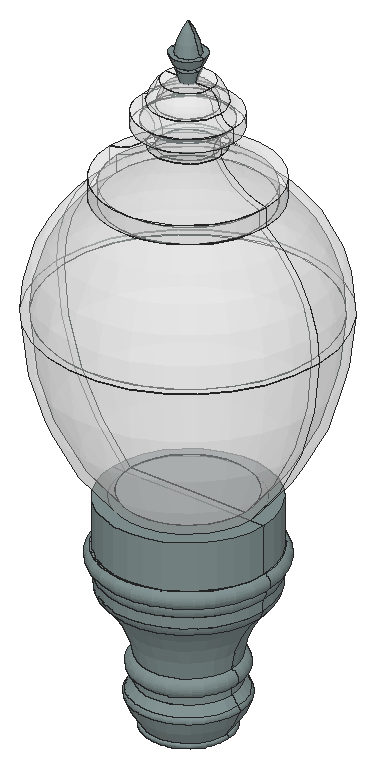
Revit family "FGL", category Lighting Fixtures, host Face, Revit 2021
Family settings
  Host = Face
  Round Connector Dimension = Use Diameter
  Part Type = Normal
  OmniClass Number = 23.80.70.14
  OmniClass Title = Luminaries for External Lighting
  Cut with Voids When Loaded = No
  Light Source = Yes
  Shared = No
  Room Calculation Point = No
Parameters (values of type "FGL - ATG")
  Wattage Comments = "32 - 185W"  # constant formula
  Wattage = 9.2903 W
  Watt = 185 W
  built-in parameter 1150110 = 1 (stored number, unit not read)
  Voltage [instance] = 120 V
  built-in parameter 1114217 = 1 (stored number, unit not read)
  Tilt Angle = 60.00°
  built-in parameter 1150109 = 1 (stored number, unit not read)
  built-in parameter 1150134 = 3
  built-in parameter 1150113 = 1 (stored number, unit not read)
  Product Page URL = ""
  Product Documentation Link = ""
  Photometric Web File = "generic"
  built-in parameter 1150142 = (empty or 0)
  built-in parameter 1150105 = 109.82 (stored number, unit not read)
  Lumens = 1380 lm
  built-in parameter 1150115 = 1 (stored number, unit not read)
  built-in parameter 1150137 = (empty or 0)
  built-in parameter 1150139 = (empty or 0)
  built-in parameter 1150112 = 1 (stored number, unit not read)
  built-in parameter 1150114 = 1 (stored number, unit not read)
  Is Volt [instance] = Voltage : 120V
  URL = "https://www.currentlighting.com/aal"
  RB [instance] = not(LF)  # no
  Optical Style [instance] = Optical Style : CCO
  Model = "FGL"  # constant formula
  Manufacturer = "Architectural Area Lighting"  # constant formula
  Load Classification = Lighting
  Lamp = "LED Lamp"  # constant formula
  LF [instance] = yes
  built-in parameter 1150132 = (empty or 0)
  built-in parameter 1150102 = (empty or 0)
  built-in parameter 1150107 = 3200 (stored number, unit not read)
  built-in parameter 1150138 = (empty or 0)
  built-in parameter 1150106 = 1.0982 (stored number, unit not read)
  Glass = Glass-Frosted
  Finish = Aluminum-Antique Green
  Emit from Circle Diameter = 24.000"
  Emit Shape Visible in Rendering = no
  built-in parameter 1150104 = 13.8 (stored number, unit not read)
  Dimming Lamp Color Temperature Shift = <None>
  Description = "Two fitter designs to accommodate architectural requirements"  # constant formula
  Default Elevation = 48.000"
  Contact us = ""
  Color Filter = 16777215
  built-in parameter 1114218 = 1 (stored number, unit not read)
  built-in parameter 1150133 = 10 (stored number, unit not read)
  Apparent Load = 0 VA
Types (14): name | Tilt Angle | Photometric Web File | built-in parameter 1150142 | Is Volt | Optical Style | Finish | Emit from Circle Diameter
  (no name) | 60.00° | "generic" | (empty or 0) | Voltage : 120V | Optical Style : CCO | Aluminum-Antique Green | 24.000"
  FGL - AWT | 60.00° | "generic" | (empty or 0) | Voltage : 208V | Optical Style : CCO | Aluminum-Artic White | 24.000"
  FGL - BLK | 60.00° | "generic" | (empty or 0) | Voltage : 120V | Optical Style : CCO | Aluminum-Black | 24.000"
  FGL - MTB | 60.00° | "generic" | (empty or 0) | Voltage : 120V | Optical Style : CCO | Aluminum-Matte Black | 24.000"
  FGL - DGN | 60.00° | "generic" | (empty or 0) | Voltage : 120V | Optical Style : CCO | Aluminum-Dark Green | 24.000"
  FGL - DBZ | 60.00° | "generic" | (empty or 0) | Voltage : 120V | Optical Style : GR3 | Aluminum-Dark Bronze | 24.000"
  FGL - WRZ | -90.00° | "FGL-SGL-CCO-150PSMH-ASY-HSS.IES" | "IESNA:LM-63-2002\r\n[TEST] KL01707\r\n[TESTLAB] KIM LIGHTING\r\n[TESTDATE] 06/19/09\r\n[ISSUEDATE] 06/22/09\r\n[MANUFAC] ARCHITECTURAL AREA LIGHTING\r\n[LUMCAT] FGL-XX-SLG-CCO-150PSMH-ASY-HSS                                                       \r\n[LUMINAIRE] FEDERAL GLOBE LARGE WITH STACKED \r\n[MORE] CONTRACLINE  REFLECTOR ASSEMBLY;\r\n[MORE] AND STANDARD LENS GLOBE; HOUSE SIDE SHIELD\r\n[LAMP] ONE 150 WATT MEDIUM BASE ED-28 PSMH-VBU                    \r\n[LAMPCAT] MH 150W/U/PS/740-VENTURE\r\n[BALLAST] 150W PSMH \r\n[OTHER] LUMENS-14000\r\nTILT=NONE\r\n1 14000 1 74 22 1 1 -1.46 -1.46 2.75\r\n1 1 150\r\n0 2.5 5 7.5 10 12.5 15 17.5 20 22.5 25 27.5 30 32.5 35 37.5 40 42.5 45 47.5 50 52.5 55 57.5 60 62.5 65 67.5 67.9 70 72.5 75 77.5 80 82.5 85 87.5 90 92.5 95 97.5 100 102.5 105 107.5 110 112.5 115 117.5 120 122.5 125 127.5 130 132.5 135 137.5 140 142.5 145 \r\n147.5 150 152.5 155 157.5 160 162.5 165 167.5 170 172.5 175 177.5 180\r\n0 5 14 15 25 35 45 55 65 75 85 90 95 105 115 125 135 145 155 165 175 180\r\n105.00 102.00 140.00 185.00 323.00 440.00 475.00 493.00 546.00 638.00 739.00 754.00 770.00 976.00 1252.00 1512.00 1314.00 1083.00 768.00 635.00 595.00 587.00 645.00 766.00 958.00 1373.00 1974.00 2460.00 2403.00 2316.00 1746.00 1051.00 614.00 430.00 350.00\r\n 336.00 279.00 219.00 185.00 169.00 161.00 158.00 159.00 166.00 174.00 170.00 178.00 198.00 207.00 212.00 236.00 284.00 328.00 315.00 298.00 281.00 282.00 281.00 262.00 247.00 245.00 251.00 283.00 358.00 414.00 360.00 317.00 254.00 204.00 180.00 126.00 \r\n57.00 26.00 16.00\r\n105.00 102.00 140.00 185.00 321.00 438.00 473.00 494.00 550.00 652.00 744.00 758.00 776.00 946.00 1309.00 1597.00 1358.00 1103.00 764.00 646.00 599.00 594.00 642.00 762.00 968.00 1429.00 1986.00 2413.00 2444.00 2382.00 1822.00 1034.00 621.00 426.00 350.00\r\n 341.00 279.00 219.00 186.00 170.00 162.00 158.00 158.00 165.00 174.00 170.00 179.00 200.00 212.00 218.00 239.00 290.00 339.00 320.00 302.00 282.00 283.00 284.00 262.00 245.00 242.00 255.00 289.00 366.00 411.00 362.00 318.00 254.00 205.00 180.00 126.00 \r\n57.00 26.00 16.00\r\n105.00 103.00 139.00 184.00 313.00 422.00 466.00 490.00 542.00 640.00 753.00 778.00 802.00 950.00 1270.00 1555.00 1345.00 1096.00 778.00 644.00 603.00 598.00 652.00 784.00 1006.00 1465.00 2141.00 2538.00 2454.00 2389.00 1777.00 1066.00 616.00 428.00 \r\n350.00 343.00 278.00 217.00 186.00 171.00 163.00 159.00 158.00 161.00 170.00 173.00 181.00 202.00 217.00 221.00 246.00 300.00 338.00 320.00 304.00 283.00 287.00 286.00 262.00 244.00 240.00 261.00 317.00 374.00 422.00 360.00 312.00 254.00 209.00 186.00 \r\n124.00 56.00 26.00 16.00\r\n105.00 102.00 138.00 182.00 309.00 418.00 464.00 486.00 539.00 636.00 749.00 777.00 801.00 940.00 1266.00 1563.00 1339.00 1098.00 783.00 644.00 602.00 597.00 652.00 785.00 1011.00 1471.00 2158.00 2526.00 2437.00 2355.00 1738.00 1043.00 609.00 425.00 \r\n347.00 338.00 274.00 217.00 185.00 170.00 163.00 158.00 158.00 161.00 169.00 172.00 180.00 202.00 217.00 221.00 246.00 299.00 337.00 318.00 305.00 282.00 287.00 286.00 262.00 244.00 242.00 262.00 320.00 378.00 426.00 361.00 313.00 255.00 210.00 186.00 \r\n126.00 57.00 26.00 16.00\r\n105.00 103.00 138.00 183.00 298.00 405.00 444.00 470.00 526.00 622.00 710.00 748.00 775.00 927.00 1222.00 1448.00 1306.00 1083.00 756.00 630.00 583.00 582.00 646.00 797.00 1023.00 1450.00 1994.00 2370.00 2296.00 2208.00 1584.00 967.00 574.00 398.00 332.00\r\n 318.00 257.00 207.00 182.00 169.00 161.00 157.00 156.00 160.00 168.00 170.00 177.00 196.00 212.00 219.00 249.00 303.00 342.00 327.00 311.00 282.00 286.00 283.00 266.00 253.00 250.00 282.00 317.00 426.00 444.00 363.00 310.00 251.00 211.00 185.00 121.00 \r\n55.00 26.00 16.00\r\n105.00 104.00 139.00 183.00 293.00 393.00 430.00 458.00 506.00 591.00 669.00 717.00 765.00 880.00 1100.00 1311.00 1282.00 989.00 746.00 620.00 573.00 578.00 638.00 802.00 1059.00 1519.00 2018.00 2249.00 2106.00 2018.00 1486.00 886.00 526.00 378.00 314.00 \r\n298.00 243.00 198.00 176.00 165.00 158.00 153.00 153.00 158.00 166.00 166.00 172.00 189.00 204.00 210.00 240.00 298.00 353.00 334.00 313.00 283.00 282.00 282.00 268.00 254.00 246.00 285.00 349.00 422.00 426.00 364.00 307.00 250.00 206.00 176.00 112.00 \r\n52.00 25.00 16.00\r\n105.00 104.00 139.00 184.00 290.00 382.00 418.00 444.00 493.00 568.00 649.00 696.00 727.00 862.00 1141.00 1269.00 1201.00 961.00 724.00 604.00 563.00 564.00 628.00 786.00 1031.00 1475.00 2004.00 2274.00 2126.00 1994.00 1409.00 816.00 498.00 359.00 311.00 \r\n301.00 231.00 190.00 170.00 160.00 153.00 150.00 150.00 157.00 164.00 162.00 169.00 185.00 197.00 208.00 235.00 282.00 330.00 321.00 305.00 288.00 282.00 274.00 261.00 250.00 261.00 280.00 372.00 440.00 461.00 354.00 294.00 236.00 194.00 164.00 101.00 \r\n49.00 24.00 16.00\r\n105.00 104.00 138.00 182.00 283.00 370.00 401.00 429.00 474.00 554.00 632.00 667.00 699.00 867.00 1105.00 1279.00 1228.00 958.00 774.00 624.00 560.00 557.00 619.00 760.00 1001.00 1474.00 2057.00 2291.00 2098.00 1982.00 1356.00 806.00 486.00 358.00 313.00 \r\n330.00 236.00 185.00 163.00 154.00 148.00 145.00 146.00 151.00 154.00 155.00 162.00 181.00 189.00 199.00 222.00 262.00 301.00 298.00 287.00 274.00 272.00 265.00 257.00 254.00 258.00 302.00 386.00 479.00 474.00 355.00 290.00 221.00 178.00 150.00 90.00 \r\n46.00 23.00 16.00\r\n105.00 105.00 136.00 178.00 278.00 355.00 375.00 403.00 452.00 523.00 576.00 622.00 656.00 790.00 1040.00 1168.00 1088.00 875.00 730.00 606.00 548.00 534.00 591.00 728.00 958.00 1431.00 1937.00 2152.00 1999.00 1898.00 1274.00 771.00 466.00 341.00 302.00 \r\n314.00 234.00 182.00 158.00 149.00 144.00 140.00 139.00 143.00 146.00 149.00 154.00 167.00 170.00 187.00 206.00 237.00 262.00 263.00 261.00 256.00 256.00 247.00 233.00 241.00 264.00 312.00 422.00 524.00 476.00 373.00 297.00 207.00 159.00 137.00 82.00 \r\n42.00 22.00 16.00\r\n105.00 105.00 134.00 178.00 278.00 344.00 355.00 374.00 417.00 481.00 541.00 590.00 662.00 787.00 1008.00 1070.00 1000.00 809.00 636.00 550.00 506.00 495.00 547.00 656.00 938.00 1444.00 2008.00 2298.00 2073.00 1926.00 1193.00 715.00 429.00 312.00 280.00 \r\n298.00 218.00 169.00 149.00 139.00 134.00 131.00 131.00 132.00 134.00 135.00 137.00 142.00 145.00 155.00 165.00 189.00 222.00 232.00 232.00 228.00 227.00 228.00 222.00 231.00 257.00 342.00 470.00 548.00 489.00 392.00 314.00 202.00 144.00 122.00 72.00 \r\n38.00 21.00 16.00\r\n105.00 106.00 131.00 179.00 278.00 330.00 334.00 346.00 392.00 454.00 512.00 554.00 610.00 715.00 865.00 915.00 850.00 741.00 563.00 474.00 446.00 452.00 529.00 656.00 874.00 1361.00 1973.00 2217.00 1949.00 1811.00 1153.00 642.00 390.00 288.00 252.00 \r\n246.00 187.00 154.00 138.00 130.00 126.00 123.00 122.00 122.00 121.00 121.00 122.00 124.00 126.00 130.00 135.00 150.00 172.00 187.00 188.00 190.00 194.00 197.00 209.00 236.00 270.00 359.00 500.00 572.00 500.00 401.00 325.00 202.00 139.00 113.00 70.00 \r\n36.00 20.00 16.00\r\n105.00 106.00 130.00 178.00 276.00 322.00 322.00 334.00 382.00 445.00 498.00 547.00 572.00 616.00 717.00 762.00 752.00 665.00 542.00 450.00 425.00 436.00 518.00 645.00 854.00 1331.00 1903.00 2134.00 1927.00 1803.00 1150.00 647.00 381.00 279.00 240.00 \r\n241.00 180.00 148.00 134.00 126.00 122.00 120.00 118.00 118.00 117.00 116.00 116.00 118.00 122.00 124.00 128.00 138.00 154.00 164.00 168.00 173.00 182.00 191.00 199.00 232.00 278.00 382.00 526.00 582.00 480.00 410.00 333.00 206.00 142.00 114.00 71.00 \r\n36.00 19.00 16.00\r\n105.00 105.00 128.00 174.00 270.00 310.00 310.00 322.00 373.00 434.00 486.00 529.00 531.00 565.00 623.00 669.00 690.00 598.00 507.00 425.00 405.00 421.00 499.00 617.00 859.00 1299.00 1864.00 2114.00 1862.00 1738.00 1130.00 648.00 374.00 270.00 229.00 \r\n227.00 170.00 142.00 130.00 123.00 119.00 117.00 116.00 115.00 114.00 112.00 111.00 112.00 115.00 118.00 122.00 128.00 138.00 146.00 154.00 158.00 167.00 179.00 199.00 217.00 282.00 384.00 546.00 574.00 464.00 414.00 342.00 216.00 146.00 119.00 75.00 \r\n36.00 19.00 16.00\r\n105.00 105.00 123.00 166.00 251.00 287.00 282.00 294.00 351.00 425.00 462.00 470.00 470.00 483.00 539.00 584.00 586.00 534.00 452.00 396.00 374.00 393.00 478.00 590.00 825.00 1302.00 1835.00 2026.00 1763.00 1632.00 1017.00 594.00 337.00 250.00 214.00 \r\n202.00 157.00 134.00 124.00 118.00 114.00 113.00 112.00 111.00 110.00 106.00 106.00 106.00 108.00 111.00 114.00 115.00 119.00 126.00 134.00 138.00 145.00 152.00 170.00 213.00 290.00 402.00 562.00 557.00 465.00 436.00 338.00 223.00 176.00 139.00 87.00 \r\n40.00 19.00 16.00\r\n105.00 105.00 119.00 155.00 227.00 256.00 252.00 263.00 310.00 358.00 382.00 414.00 405.00 422.00 455.00 483.00 485.00 437.00 390.00 334.00 328.00 358.00 431.00 512.00 713.00 1147.00 1654.00 1801.00 1506.00 1374.00 877.00 494.00 289.00 224.00 204.00 \r\n186.00 146.00 126.00 118.00 114.00 110.00 109.00 108.00 107.00 106.00 102.00 100.00 100.00 102.00 104.00 106.00 106.00 109.00 115.00 119.00 124.00 133.00 138.00 154.00 201.00 280.00 426.00 582.00 590.00 486.00 452.00 337.00 238.00 236.00 163.00 106.00 \r\n45.00 19.00 16.00\r\n105.00 104.00 115.00 144.00 201.00 220.00 217.00 228.00 255.00 282.00 317.00 336.00 322.00 322.00 328.00 350.00 352.00 328.00 282.00 262.00 263.00 274.00 304.00 367.00 493.00 790.00 1110.00 1114.00 918.00 845.00 586.00 359.00 242.00 198.00 191.00 173.00 \r\n134.00 119.00 113.00 109.00 106.00 104.00 104.00 103.00 101.00 98.00 96.00 96.00 98.00 100.00 104.00 103.00 103.00 110.00 115.00 121.00 122.00 128.00 142.00 182.00 273.00 466.00 581.00 631.00 514.00 458.00 350.00 274.00 263.00 199.00 123.00 50.00 18.00 \r\n16.00\r\n105.00 104.00 111.00 131.00 172.00 186.00 186.00 194.00 214.00 234.00 257.00 261.00 258.00 267.00 250.00 250.00 243.00 236.00 222.00 211.00 210.00 213.00 226.00 252.00 310.00 410.00 514.00 498.00 424.00 400.00 310.00 238.00 197.00 174.00 182.00 157.00 \r\n125.00 113.00 108.00 104.00 102.00 100.00 99.00 98.00 96.00 94.00 92.00 91.00 92.00 94.00 99.00 103.00 103.00 110.00 110.00 111.00 112.00 118.00 138.00 187.00 295.00 493.00 587.00 575.00 545.00 457.00 371.00 311.00 298.00 241.00 137.00 54.00 18.00 16.00\r\n105.00 102.00 106.00 119.00 146.00 158.00 161.00 170.00 186.00 198.00 210.00 218.00 219.00 232.00 213.00 210.00 205.00 198.00 193.00 185.00 182.00 181.00 189.00 208.00 250.00 285.00 282.00 262.00 244.00 237.00 204.00 178.00 162.00 155.00 174.00 146.00 \r\n118.00 108.00 104.00 101.00 99.00 97.00 96.00 95.00 92.00 90.00 88.00 87.00 88.00 90.00 92.00 96.00 104.00 102.00 105.00 109.00 111.00 122.00 143.00 202.00 327.00 494.00 626.00 588.00 590.00 490.00 385.00 338.00 334.00 266.00 146.00 57.00 18.00 16.00\r\n105.00 102.00 103.00 110.00 126.00 137.00 144.00 154.00 167.00 178.00 193.00 198.00 200.00 205.00 194.00 190.00 184.00 179.00 177.00 170.00 164.00 162.00 166.00 178.00 205.00 212.00 195.00 178.00 170.00 166.00 155.00 149.00 142.00 147.00 181.00 141.00 \r\n116.00 106.00 101.00 98.00 96.00 94.00 95.00 93.00 90.00 86.00 86.00 85.00 84.00 86.00 93.00 94.00 96.00 99.00 103.00 108.00 115.00 130.00 158.00 219.00 340.00 486.00 654.00 655.00 637.00 537.00 426.00 368.00 366.00 271.00 154.00 60.00 18.00 16.00\r\n105.00 102.00 102.00 105.00 113.00 124.00 134.00 144.00 158.00 183.00 189.00 186.00 189.00 186.00 181.00 178.00 171.00 166.00 163.00 157.00 155.00 152.00 151.00 153.00 155.00 154.00 151.00 148.00 146.00 144.00 138.00 139.00 137.00 142.00 165.00 138.00 \r\n112.00 102.00 98.00 96.00 94.00 92.00 94.00 91.00 87.00 84.00 82.00 82.00 82.00 82.00 86.00 86.00 88.00 95.00 101.00 112.00 125.00 143.00 172.00 234.00 342.00 514.00 666.00 713.00 654.00 576.00 455.00 386.00 375.00 283.00 159.00 60.00 18.00 16.00\r\n105.00 101.00 100.00 102.00 107.00 118.00 129.00 140.00 153.00 178.00 181.00 184.00 186.00 181.00 174.00 172.00 165.00 159.00 155.00 150.00 149.00 148.00 146.00 143.00 142.00 139.00 137.00 136.00 139.00 138.00 135.00 138.00 136.00 135.00 151.00 129.00 \r\n109.00 101.00 98.00 94.00 93.00 91.00 94.00 91.00 87.00 83.00 82.00 82.00 81.00 81.00 80.00 82.00 85.00 90.00 100.00 114.00 126.00 134.00 160.00 235.00 376.00 546.00 665.00 651.00 618.00 570.00 441.00 368.00 348.00 278.00 161.00 59.00 18.00 16.00\r\n105.00 101.00 100.00 101.00 106.00 118.00 129.00 140.00 152.00 175.00 181.00 183.00 186.00 180.00 174.00 171.00 163.00 158.00 154.00 150.00 148.00 148.00 145.00 142.00 141.00 138.00 136.00 134.00 136.00 135.00 133.00 135.00 134.00 134.00 143.00 128.00 \r\n109.00 101.00 98.00 94.00 92.00 91.00 93.00 91.00 86.00 84.00 82.00 82.00 80.00 80.00 80.00 82.00 85.00 89.00 100.00 114.00 126.00 129.00 162.00 226.00 389.00 525.00 666.00 632.00 617.00 554.00 439.00 362.00 346.00 276.00 162.00 59.00 18.00 16.00\r\n" | Voltage : 120V | Optical Style : BLO | Aluminum-Weathered Bronze | 12.000"
  FGL - BRM | 60.00° | "generic" | (empty or 0) | Voltage : 120V | Optical Style : CCO | Aluminum-Metalic Bronze | 24.000"
  FGL - VBL | 60.00° | "generic" | (empty or 0) | Voltage : 120V | Optical Style : CCO | Aluminum-Verde Blue | 24.000"
  FGL - CRT | 60.00° | "generic" | (empty or 0) | Voltage : 120V | Optical Style : CCO | Aluminum-Corten | 24.000"
  FGL - MAL | 60.00° | "generic" | (empty or 0) | Voltage : 120V | Optical Style : CCO | Aluminum-Matte | 24.000"
  FGL - MDG | 60.00° | "generic" | (empty or 0) | Voltage : 120V | Optical Style : CCO | Aluminum-Medium Grey | 24.000"
  FGL - ATG | 60.00° | "generic" | (empty or 0) | Voltage : 120V | Optical Style : CCO | Aluminum-Antique Green | 24.000"
  FGL - LGY | 60.00° | "generic" | (empty or 0) | Voltage : 120V | Optical Style : CCO | Aluminum-Light Grey | 24.000"
Reference planes (in)
  plane 1 "Center (Front/Back)": y = 0
  plane 2: z = 0
  plane 3 "Center (Left/Right)": x = 0
  plane 4: x = -8.75
  plane 5: x = 8.75
  plane 6: z = 42
  plane 7: x = 2.5
  plane 8: x = -2.5
  plane 9: z = 13.625
  plane 10: z = 31.17106
Forms (in)
  Revolve 1, solid, material "Aluminum-Antique Green" <- "Finish", visible <- "LF"
    sketch origin (0, 0, 0) x (1, 0, 0) y (0, 0, 1)
      loop
        line (0, 0) -> (0, 13.625) -> (-5.03376, 13.625) -> (-5.03376, 10.76245) -> (-5.12905, 10.76245)
        arc (-5.12905, 10.76245) -> (-5.45559, 10.26245) -> (-5.12905, 9.76245) r 0.54607
        arc (-5.12905, 9.76245) -> (-5.11304, 9.44236) -> (-4.96687, 9.15715) r 0.76227
        line (-4.96687, 9.15715) -> (-4.96687, 8.48685)
        arc (-4.96687, 8.48685) -> (-4.85926, 8.18779) -> (-4.66168, 7.93883) r 0.98098
        arc (-4.66168, 7.93883) -> (-3.48579, 6.28694) -> (-2.88291, 4.35097) r 6.42852
        arc (-2.88291, 4.35097) -> (-3.31539, 3.80858) -> (-2.88291, 3.26619) r 0.55635
        line (-2.88291, 3.26619) -> (-2.88291, 2.76619) -> (-3.32761, 2.25461)
        arc (-3.32761, 2.25461) -> (-3.41364, 2.08032) -> (-3.39691, 1.88668) r 0.36132
        arc (-3.39691, 1.88668) -> (-3.01013, 1.05002) -> (-2.5, 0.28232) r 6.01247
        arc (-2.5, 0.28232) -> (-2.64116, 0.14116) -> (-2.5, 0) r 0.14116
        line (-2.5, 0) -> (0, 0)
      axis (0, 13.625) -> (0, 0)
    angle from 0 to 360
  Revolve 2, solid, material "Glass-Frosted" <- "Glass"
    sketch origin (0, 0, 0) x (1, 0, 0) y (0, 0, 1)
      loop
        line (0, 13.625) -> (0, 13.96855) -> (-3.80288, 13.96855)
        arc (-3.80288, 13.96855) -> (-7.06666, 18.84131) -> (-8.25002, 24.58548) r 15.2506
        arc (-8.25002, 24.58548) -> (-7.33685, 28.36747) -> (-4.74177, 31.26624) r 7.96826
        line (-4.74177, 31.26624) -> (-4.74177, 32.2829)
        arc (-4.74177, 32.2829) -> (-2.98772, 33.10642) -> (-1.68847, 34.54407) r 4.91348
        arc (-1.68847, 34.54407) -> (-1.88272, 35.43753) -> (-2.53956, 36.07359) r 1.57918
        line (-2.53956, 36.07359) -> (-2.53956, 36.20584)
        arc (-2.53956, 36.20584) -> (-2.04968, 36.54616) -> (-1.71527, 37.0401) r 1.62792
        arc (-1.71527, 37.0401) -> (-1.15449, 38.09679) -> (0, 38.41023) r 1.50439
        line (0, 38.41023) -> (0, 38.44473) -> (-1.51284, 38.44473)
        arc (-1.51284, 38.44473) -> (-1.97251, 37.87882) -> (-2.19891, 37.18578) r 2.00089
        arc (-2.19891, 37.18578) -> (-2.54471, 36.77783) -> (-3.03956, 36.57502) r 1.12792
        line (-3.03956, 36.57502) -> (-3.03956, 35.72555)
        arc (-3.03956, 35.72555) -> (-2.41225, 35.33409) -> (-2.18417, 34.63071) r 1.07918
        arc (-2.18417, 34.63071) -> (-3.50211, 33.31788) -> (-5.24177, 32.65908) r 4.44672
        line (-5.24177, 32.65908) -> (-5.24177, 31.52677)
        arc (-5.24177, 31.52677) -> (-7.84102, 28.48054) -> (-8.75, 24.58062) r 8.46826
        arc (-8.75, 24.58062) -> (-7.53021, 18.65423) -> (-4.16616, 13.625) r 15.75044
        line (-4.16616, 13.625) -> (0, 13.625)
      axis (0, 38.44473) -> (0, 13.625)
    angle from 0 to 360
  Revolve 3, solid, material "Aluminum-Antique Green" <- "Finish"
    sketch origin (0, 0, 0) x (1, 0, 0) y (0, 0, 1)
      loop
        line (0, 38.44473) -> (0, 42)
        arc (0, 42) -> (-0.48193, 41.08525) -> (-0.73533, 40.08284) r 4.36748
        line (-0.73533, 40.08284) -> (-1.08341, 40.08284) -> (-0.81818, 39.51405) -> (-0.35253, 39.51405) -> (-0.35253, 39.20953) -> (-0.71924, 39.20953) -> (-0.47074, 38.44473) -> (0, 38.44473)
      axis (0, 42) -> (0, 38.44473)
    angle from 0 to 360
  Revolve 4, solid, material "Aluminum-Antique Green" <- "Finish", visible <- "RB"
    sketch origin (0, 0, 0) x (1, 0, 0) y (0, 0, 1)
      loop
        line (-3.5, 0) -> (0, 0) -> (0, 13.625) -> (-5.71058, 13.625) -> (-5.71058, 12.40368) -> (-6.30201, 12.40368) -> (-6.30201, 11.06248) -> (-6.51851, 10.93748) -> (-6.51851, 9.93748) -> (-5.3414, 9.93748) -> (-5.3414, 9.68748)
        arc (-5.3414, 9.68748) -> (-5.8414, 9.48037) -> (-6.04851, 8.98037) r 0.70711
        line (-6.04851, 8.98037) -> (-6.04851, 8.73037) -> (-5.79851, 8.73037) -> (-5.79851, 8.50986)
        arc (-5.79851, 8.50986) -> (-5.19781, 6.42255) -> (-3.80326, 4.75733) r 5.24722
        line (-3.80326, 4.75733) -> (-3.80326, 4.58582)
        arc (-3.80326, 4.58582) -> (-3.51877, 3.80356) -> (-3.07749, 3.09778) r 3.97172
        line (-3.07749, 3.09778) -> (-3.25, 3.09778) -> (-3.25, 2.84778)
        arc (-3.25, 2.84778) -> (-3.32937, 2.78321) -> (-3.39393, 2.70385) r 0.50016
        arc (-3.39393, 2.70385) -> (-3.40797, 2.50941) -> (-3.25, 2.39518) r 0.20023
        line (-3.25, 2.39518) -> (-3.25, 0.39518) -> (-3.5, 0.39518) -> (-3.5, 0)
      axis (0, 13.625) -> (0, 0)
    angle from 0 to 360
Dimensions and locks (in)
  equal spacing: plane 5, plane 3 "Center (Left/Right)", plane 4
  locked: plane 3 "Center (Left/Right)" to plane 4 at 8.75
  locked: plane 6 to plane 2 at 42
  equal spacing: plane 7, plane 3 "Center (Left/Right)", plane 8
  locked: plane 3 "Center (Left/Right)" to plane 8 at 2.5
  locked: plane 9 to plane 2 at 13.625
  plane 5 to plane 4 = 17.500"
  aligned and locked: plane 2 to host face
  aligned and locked: level to host face
  aligned and locked: Revolve 1 sketch curve to plane 9
  aligned and locked: host face to Revolve 1 sketch curve
  aligned and locked: Revolve 1 sketch curve to plane 3 "Center (Left/Right)"  (x2)
  aligned and locked: Revolve 2 sketch curve to plane 3 "Center (Left/Right)"
  aligned and locked: plane 9 to Revolve 2 sketch curve
  aligned and locked: Revolve 3 sketch curve to plane 3 "Center (Left/Right)"
  aligned and locked: Revolve 2 sketch curve to Revolve 3
  aligned and locked: Revolve 4 sketch curve to plane 3 "Center (Left/Right)"
Automatic sketch dimensions
  host sketch curve to host sketch curve = 96.000"
  host sketch curve to host sketch curve = 95.95855"
  Revolve 1 sketch curve to plane 8 = 0.000"
  Revolve 1 sketch curve to plane 8 = 0.25904"
  Revolve 1 sketch curve to plane 8 = 0.38291"  (x2)
  Revolve 1 sketch curve to plane 8 = 0.55856"
  Revolve 1 sketch curve to Revolve 1 sketch curve = 0.26905"
  Revolve 1 sketch curve to Revolve 1 sketch curve = 0.0693"
  Revolve 1 sketch curve to Revolve 1 sketch curve = 0.000"  (x2)
  Revolve 1 sketch curve to plane 8 = 1.50221"
  Revolve 1 sketch curve to Revolve 1 sketch curve = 0.37453"
  Revolve 1 sketch curve to Revolve 1 sketch curve = 0.65948"
  Revolve 1 sketch curve to Revolve 1 sketch curve = 0.53278"
  Revolve 1 sketch curve to Revolve 1 sketch curve = 0.59013"
  Revolve 1 sketch curve to Revolve 1 sketch curve = 0.12424"
  Revolve 1 sketch curve to Revolve 1 sketch curve = 0.21954"
  Revolve 1 sketch curve to Revolve 1 sketch curve = 0.09529"
  Revolve 1 sketch curve to plane 4 = 0.49534"
  Revolve 1 sketch curve to plane 7 = 0.26209"
  Revolve 1 sketch curve to level = 4.050"
  Revolve 1 sketch curve to Revolve 1 sketch curve = 0.14116"
  Revolve 1 sketch curve to Revolve 1 sketch curve = 1.60435"
  Revolve 1 sketch curve to Revolve 1 sketch curve = 0.51158"
  Revolve 1 sketch curve to Revolve 1 sketch curve = 0.500"  (x2)
  level to Revolve 1 sketch curve = 3.4315"
  Revolve 1 sketch curve to Revolve 1 sketch curve = 0.54239"
  Revolve 1 sketch curve to Revolve 1 sketch curve = 0.6703"
  Revolve 1 sketch curve to Revolve 1 sketch curve = 0.4825"
  Revolve 1 sketch curve to Revolve 1 sketch curve = 1.500"
  Revolve 3 sketch curve to plane 3 "Center (Left/Right)" = 0.000"
  Revolve 3 sketch curve to plane 6 = 0.000"
  Revolve 3 sketch curve to plane 3 "Center (Left/Right)" = 0.35253"
  Revolve 3 sketch curve to Revolve 3 sketch curve = 0.47074"
  Revolve 3 sketch curve to Revolve 3 sketch curve = 0.3667"
  Revolve 3 sketch curve to Revolve 3 sketch curve = 0.3828"
  Revolve 3 sketch curve to Revolve 3 sketch curve = 0.09895"
  Revolve 3 sketch curve to Revolve 3 sketch curve = 0.34808"
  plane 7 to Revolve 3 sketch curve = 1.09589"
  Revolve 3 sketch curve to plane 6 = 1.91716"
  Revolve 3 sketch curve to Revolve 3 sketch curve = 0.56879"
  Revolve 3 sketch curve to Revolve 3 sketch curve = 0.30452"
  Revolve 3 sketch curve to Revolve 3 sketch curve = 0.7648"
  Revolve 3 sketch curve to Revolve 3 sketch curve = 1.94473"
  Revolve 3 sketch curve to Revolve 3 sketch curve = 0.750"
  Revolve 4 sketch curve to plane 9 = 0.000"
  Revolve 4 sketch curve to plane 3 "Center (Left/Right)" = 0.000"
  Revolve 4 sketch curve to level = 0.000"
  Revolve 4 sketch curve to plane 3 "Center (Left/Right)" = 0.56478"
  Revolve 4 sketch curve to plane 8 = 0.4757"
  Revolve 4 sketch curve to plane 8 = 0.57749"
  Revolve 4 sketch curve to Revolve 4 sketch curve = 0.2508"
  Revolve 4 sketch curve to plane 8 = 0.750"
  Revolve 4 sketch curve to Revolve 4 sketch curve = 0.0235"
  Revolve 4 sketch curve to Revolve 4 sketch curve = 0.16744"
  Revolve 4 sketch curve to Revolve 4 sketch curve = 0.000"
  Revolve 4 sketch curve to Revolve 4 sketch curve = 0.250"  (x4)
  Revolve 4 sketch curve to plane 8 = 1.30326"
  Revolve 4 sketch curve to plane 8 = 2.8414"
  Revolve 4 sketch curve to plane 9 = 1.22132"
  Revolve 4 sketch curve to Revolve 4 sketch curve = 0.36918"
  Revolve 4 sketch curve to Revolve 4 sketch curve = 0.45711"
  Revolve 4 sketch curve to Revolve 4 sketch curve = 0.59142"
  Revolve 4 sketch curve to Revolve 4 sketch curve = 0.470"
  plane 3 "Center (Left/Right)" to Revolve 4 sketch curve = 0.05099"
  Revolve 4 sketch curve to Revolve 4 sketch curve = 4.875"
  level to Revolve 4 sketch curve = 0.39518"
  Revolve 4 sketch curve to Revolve 4 sketch curve = 2.000"
  Revolve 4 sketch curve to Revolve 4 sketch curve = 0.03436"
  Revolve 4 sketch curve to Revolve 4 sketch curve = 1.48804"
  Revolve 4 sketch curve to Revolve 4 sketch curve = 0.17151"
  Revolve 4 sketch curve to Revolve 4 sketch curve = 3.89382"
  Revolve 4 sketch curve to Revolve 4 sketch curve = 0.22051"
  Revolve 4 sketch curve to Revolve 4 sketch curve = 0.95711"
  Revolve 4 sketch curve to Revolve 4 sketch curve = 1.000"
  Revolve 4 sketch curve to Revolve 4 sketch curve = 0.125"
  Revolve 4 sketch curve to Revolve 4 sketch curve = 8.500"
  Revolve 2 sketch curve to Revolve 2 sketch curve = 0.000"  (x13)
  Revolve 2 sketch curve to plane 4 = 0.000"
  plane 10 to Revolve 2 sketch curve = 0.09518"
  Revolve 2 sketch curve to plane 3 "Center (Left/Right)" = 0.000"  (x2)
  plane 4 to Revolve 2 sketch curve = 0.49981"
  plane 4 to Revolve 2 sketch curve = 2.83808"
  plane 10 to Revolve 2 sketch curve = 1.48802"
  Revolve 2 sketch curve to plane 8 = 2.74177"
  Revolve 2 sketch curve to plane 8 = 1.66616"
  plane 9 to Revolve 2 sketch curve = 0.34355"
  Revolve 2 sketch curve to Revolve 2 sketch curve = 0.36328"
  Revolve 2 sketch curve to plane 8 = 0.76266"
  Revolve 2 sketch curve to plane 8 = 0.70769"
  Revolve 2 sketch curve to plane 8 = 0.53956"
  Revolve 2 sketch curve to plane 8 = 0.03956"
  plane 8 to Revolve 2 sketch curve = 0.30109"
  plane 8 to Revolve 2 sketch curve = 0.31583"
  Revolve 2 sketch curve to Revolve 2 sketch curve = 0.48364"
  Revolve 2 sketch curve to Revolve 2 sketch curve = 0.4957"
  plane 8 to Revolve 2 sketch curve = 0.98716"
  Revolve 2 sketch curve to plane 3 "Center (Left/Right)" = 0.28214"
  Revolve 2 sketch curve to plane 3 "Center (Left/Right)" = 0.21557"
  Revolve 2 sketch curve to plane 5 = 1.75031"
  Revolve 2 sketch curve to Revolve 2 sketch curve = 0.20645"
  Revolve 2 sketch curve to Revolve 2 sketch curve = 0.37618"
  Revolve 2 sketch curve to Revolve 2 sketch curve = 2.26118"
  Revolve 2 sketch curve to Revolve 2 sketch curve = 0.03897"
  Revolve 2 sketch curve to Revolve 2 sketch curve = 0.13225"
  Revolve 2 sketch curve to Revolve 2 sketch curve = 0.36918"
  Revolve 2 sketch curve to Revolve 2 sketch curve = 1.52337"
  plane 6 to Revolve 2 sketch curve = 2.000"
  plane 4 to Revolve 2 sketch curve = 0.49998"
  Revolve 2 sketch curve to Revolve 2 sketch curve = 0.500"
  Revolve 2 sketch curve to Revolve 2 sketch curve = 0.00485"
Nested families (in)
  nested 1: "Voltage" at (8.73564, -35.19298, 0), type "120V"
Connectors (in)
  electrical at (0, 0.02072, 0), driven by "Voltage", driven by "Apparent Load", driven by "Load Classification"
    settings: on host face, index 1, voltage 120 V, apparent load 0 VA, apparent load phase1 0 VA, apparent load phase2 0 VA, apparent load phase3 0 VA, power factor 1, load classification "Lighting", number of poles 1, system type 30, power factor state 1, is connector primary yes, connector utility no, sub classification motor no, connector description "Electrical Connector"
Definition of nested family "Voltage"
  Parameters
    Default Elevation = 0.000"
    277V = yes
    240V = no
    208V = no
    120V = no
  Reference planes (in)
    plane 1 "Center (Front/Back)": y = 0
    plane 2: z = 0
    plane 3 "Center (Left/Right)": x = 0
  Dimensions and locks (in)
    aligned and locked: plane 2 to level
